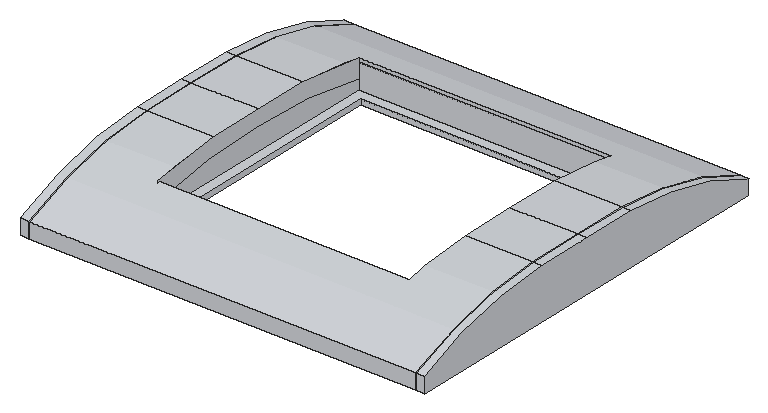
Revit family "Gira_021185", category Electrical Fixtures, host Face, Revit 2017
Family settings
  Host = Face
  Maintain Annotation Orientation = No
  Round Connector Dimension = Use Diameter
  Part Type = Normal
  Cut with Voids When Loaded = No
  Shared = No
  Room Calculation Point = No
Parameters (values of type "Abdeckrahmen 1f Zwischenr. AN Gira Event Opak Mint")
  Werkstoffgüte = "Thermoplast"
  Werkstoff = "Kunststoff"
  URL = "http://katalog.gira.de/de_DE/datenblatt.html?artikelnr=021185"
  Transparent = "No"
  Textfeld/Beschriftungsfläche = "No"
  Schutzart (IP) = "IP20"
  Region = "DE"
  Oberfläche = "sonstige"
  Name = "Abdeckrahmen 1f Zwischenr. AN Gira Event Opak Mint"
  Montagerichtung = "horizontal und vertikal"
  Mit Montagerahmen = "No"
  Mit Klappdeckel = "No"
  Manufacturer URL = "https://www.gira.de/"
  Keynote = "Event_Rahmen_1fach"
  HeinzeBIM = "https://bimportal.heinze.de/bim/abdeckrahmen-1f-zwischenr-an-gira-event-opak-mint/70f21b55b2cb7970984741b8d775a7b1e241b31f"
  Halogenfrei = "Yes"
  HAN = "021185"
  Geeignet für Unterputz-Installation = "Yes"
  Geeignet für Unterflurkanaldose = "No"
  Geeignet für Geräteeinbaukanal = "No"
  Geeignet für Einbauinstallation = "No"
  GTIN = "4010337211853"
  Farbe = "grün"
  Default Elevation = 1219.2 mm
  Data sheet (1) = "https://katalog.gira.de/de_DE/download.html?artikelnr=021185"
  Category = "Abdeckrahmen"
  Befestigungsart = "Klemmbefestigung"
  Available = "Yes"
  Anzahl der Einheiten vertikal = "1 "
  Anzahl der Einheiten horizontal = "1 "
  Anzahl der Einheiten = "1 "
Reference planes
  plane 1 "Center (Front/Back)": y = 0
  plane 2: z = 0
  plane 3 "Center (Left/Right)": x = 0
Forms (mm)
  Extrusion 1, solid, detail levels fine
    sketch origin (0, 0, 1.55) x (0, 1, 0) y (0, 0, 1)
      loop
        arc (12.445, 9.683) -> (6.223, 9.833) -> (0, 9.85) r 291.636
        arc (0, 9.85) -> (-6.223, 9.833) -> (-12.445, 9.683) r 291.636
        arc (-12.445, 9.683) -> (-29.14, 7.482) -> (-45, 1.823) r 79.728
        line (-45, 1.823) -> (-45, -1.55) -> (-41.777, -1.55) -> (-41.777, -0.55)
        arc (-41.777, -0.55) -> (-21.205, 4.846) -> (0, 6.467) r 118.15
        arc (0, 6.467) -> (21.205, 4.846) -> (41.777, -0.55) r 118.15
        line (41.777, -0.55) -> (41.777, -1.55) -> (45, -1.55) -> (45, 1.823)
        arc (45, 1.823) -> (29.14, 7.482) -> (12.445, 9.683) r 79.728
    from -43 to 43
  Extrusion 2, void, detail levels fine
    sketch origin (0, 0, 0) x (1, 0, 0) y (0, 1, 0)
      loop
        line (-28, -28) -> (28, -28) -> (28, 28) -> (-28, 28) -> (-28, -28)
    from 2.85 to 12
  Extrusion 3, solid, detail levels coarse
    sketch origin (0, 0, 0) x (1, 0, 0) y (0, 1, 0)
      loop
        line (-45, 45) -> (-45, -45) -> (45, -45) -> (45, 45) -> (-45, 45)
    from 0 to 11.4
  Extrusion 4, solid, detail levels medium
    sketch origin (0, 0, 1.55) x (0, 1, 0) y (0, 0, 1)
      loop
        arc (12.445, 9.683) -> (6.223, 9.833) -> (0, 9.85) r 291.636
        arc (0, 9.85) -> (-6.223, 9.833) -> (-12.445, 9.683) r 291.636
        arc (-12.445, 9.683) -> (-29.14, 7.482) -> (-45, 1.823) r 79.728
        line (-45, 1.823) -> (-45, -1.55) -> (45, -1.55) -> (45, 1.823)
        arc (45, 1.823) -> (29.14, 7.482) -> (12.445, 9.683) r 79.728
    from -45 to 45
  Extrusion 5, solid, detail levels fine
    sketch origin (0, 0, 0) x (0, 1, 0) y (0, 0, 1)
      loop
        arc (45, 3.373) -> (29.14, 9.032) -> (12.445, 11.233) r 79.728
        arc (12.445, 11.233) -> (6.223, 11.383) -> (0, 11.4) r 291.636
        arc (0, 11.4) -> (-6.223, 11.383) -> (-12.445, 11.233) r 291.636
        arc (-12.445, 11.233) -> (-29.14, 9.032) -> (-45, 3.373) r 79.728
        line (-45, 3.373) -> (-45, 0) -> (45, 0) -> (45, 3.373)
    from 43 to 45
  Extrusion 6, solid, detail levels fine
    sketch origin (0, 0, 0) x (0, 1, 0) y (0, 0, -1)
      loop
        line (45, -3.373) -> (45, 0) -> (-45, 0) -> (-45, -3.373)
        arc (-45, -3.373) -> (-29.14, -9.032) -> (-12.445, -11.233) r 79.728
        arc (-12.445, -11.233) -> (-6.223, -11.383) -> (0, -11.4) r 291.636
        arc (0, -11.4) -> (6.223, -11.383) -> (12.445, -11.233) r 291.636
        arc (12.445, -11.233) -> (29.14, -9.032) -> (45, -3.373) r 79.728
    from 43 to 45
  Extrusion 7, solid, detail levels fine
    sketch origin (0, 0, 0) x (1, 0, 0) y (0, 1, 0)
      loop
        line (-25.7, 25.7) -> (-25.7, -25.7) -> (25.7, -25.7) -> (25.7, 25.7) -> (-25.7, 25.7)
      loop
        line (-29.495, 27.895) -> (-29.495, -27.895)
        spline (-29.495, -27.895) -> (-29.486, -28.025) -> (-29.461, -28.154) -> (-29.419, -28.278) -> (-29.361, -28.395) -> (-29.288, -28.504) -> (-29.202, -28.602) -> (-29.104, -28.688) -> (-28.995, -28.761) -> (-28.878, -28.819) -> (-28.754, -28.861) -> (-28.625, -28.886) -> (-28.495, -28.895)
        line (-28.495, -28.895) -> (28.495, -28.895)
        spline (28.495, -28.895) -> (28.625, -28.886) -> (28.754, -28.861) -> (28.878, -28.819) -> (28.995, -28.761) -> (29.104, -28.688) -> (29.202, -28.602) -> (29.288, -28.504) -> (29.361, -28.395) -> (29.419, -28.278) -> (29.461, -28.154) -> (29.486, -28.025) -> (29.495, -27.895)
        line (29.495, -27.895) -> (29.495, 27.895)
        spline (29.495, 27.895) -> (29.486, 28.025) -> (29.461, 28.154) -> (29.419, 28.278) -> (29.361, 28.395) -> (29.288, 28.504) -> (29.202, 28.602) -> (29.104, 28.688) -> (28.995, 28.761) -> (28.878, 28.819) -> (28.754, 28.861) -> (28.625, 28.886) -> (28.495, 28.895)
        line (28.495, 28.895) -> (-28.495, 28.895)
        spline (-28.495, 28.895) -> (-28.625, 28.886) -> (-28.754, 28.861) -> (-28.878, 28.819) -> (-28.995, 28.761) -> (-29.104, 28.688) -> (-29.202, 28.602) -> (-29.288, 28.504) -> (-29.361, 28.395) -> (-29.419, 28.278) -> (-29.461, 28.154) -> (-29.486, 28.025) -> (-29.495, 27.895)
    from 1.673 to 8.5
Cuts and joins
  Extrusion 2 cuts Extrusion 1
  Extrusion 2 cuts Extrusion 7
Dimensions and locks
  aligned and locked: plane 2 to host face
  aligned and locked: level to host face
